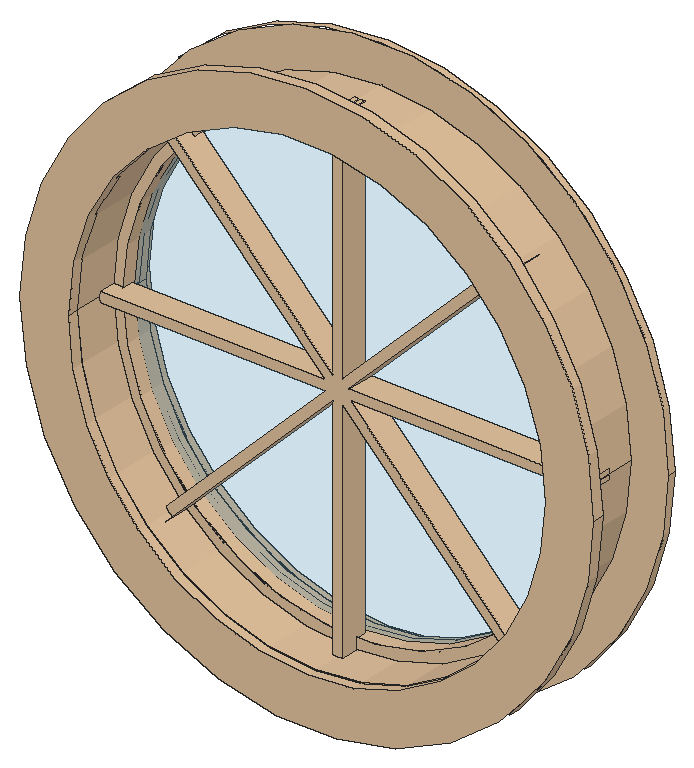
Revit family
Parameters (values of type "36" Diameter")
  Assembly Code = "B2020100"
  Glass Pane Material = Glass
  Sash Material = Sash
  Default Sill Height = 2' - 6"
  Trim Exterior Material = Trim
  Trim Interior Material = Trim
  Trim Projection - Ext. = 0' - 0 1/2"
  Trim Projection - Int. = 0' - 0 3/4"
  Trim Width - Exterior = 0' - 3 1/2"
  Trim Width - Interior = 0' - 3 1/2"
  Wall Closure = (empty or 0)
  Width = 3' - 0"
Types (4): name | Default Sill Height | Width
  48" Diameter | 2' - 0" | 4' - 0"
  36" Diameter | 2' - 6" | 3' - 0"
  24" Diameter | 3' - 0" | 2' - 0"
  60" Diameter | 1' - 6" | 5' - 0"
Reference planes (in)
  plane 1: y = 0
  plane 2 "Top": z = 66
  plane 3 "Sill": z = 30
  plane 4: z = 48
  plane 5: x = -18
  plane 6: x = 0
  plane 7: x = 18
  plane 8: x = 17.25
  plane 9: x = 20.75
  plane 10: x = -17.25
  plane 11: x = -20.75
  plane 12 "Closure": y = 1.25
Forms (in)
  Extrusion 1, solid, material "Sash" <- "Sash Material"
    sketch origin (0, 0, 0) x (1, 0, 0) y (0, 0, 1)
      loop
        circle (0, 48) r 18
      loop
        circle (0, 48) r 17.25
    from -3 to 3
  Extrusion 2, solid, material "Sash" <- "Sash Material"
    sketch origin (0, 0, 0) x (1, 0, 0) y (0, 0, 1)
      loop
        circle (0, 48) r 17.25
      loop
        circle (0, 48) r 16.5
    from -2.25 to -0.25
  Extrusion 3, solid, material "Glass" <- "Glass Pane Material"
    sketch origin (0, 0, 0) x (1, 0, 0) y (0, 0, 1)
      loop
        circle (0, 48) r 16.5
    from -1.75 to -1.25
  Extrusion 4, solid, material "Trim" <- "Trim Exterior Material"
    sketch origin (0, 0, 0) x (1, 0, 0) y (0, 0, 1)
      loop
        circle (0, 48) r 17.25
      loop
        circle (0, 48) r 20.75
    from -3.5 to -3
  Extrusion 5, solid, material "Trim" <- "Trim Interior Material"
    sketch origin (0, 0, 0) x (1, 0, 0) y (0, 0, 1)
      loop
        circle (0, 48) r 17.25
      loop
        circle (0, 48) r 20.75
    from 3 to 3.75
  Extrusion 6, solid, material "Trim" <- "Trim Exterior Material"
    sketch origin (0, 1.25, 0) x (1, 0, 0) y (0, 0, 1)
      loop
        line (0.35048, 66) -> (-0.35048, 66) -> (-0.35048, 48.86385) -> (-12.44738, 60.96076) -> (-12.94303, 60.46511) -> (-0.84257, 48.36464) -> (-17.99982, 48.37398) -> (-18.0002, 47.67303) -> (-0.856, 47.6637) -> (-12.92909, 35.60375) -> (-12.43371, 35.10783) -> (-0.35048, 47.17791) -> (-0.35048, 30) -> (0.35048, 30) -> (0.35048, 47.1716) -> (12.47434, 35.04774) -> (12.96999, 35.54339) -> (0.85061, 47.66277) -> (17.9998, 47.65343) -> (18.00018, 48.35439) -> (0.83663, 48.36373) -> (12.92547, 60.43942) -> (12.43009, 60.93534) -> (0.35048, 48.86887) -> (0.35048, 66)
    from 2.25 to 0.25
Lines and regions (in)
  Opening 1
    outline origin (-60, -3, 0) x (1, 0, 0) y (0, 0, 1)
      loop
        circle (60, 48) r 18
Text (in)
  text "Exterior" at (0, 40.15149, 123.01588), in view "Right"
  text "Exterior" at (-58.37056, 28.46503, 0), in view "Floor Line"
  text "Exterior" at (0, 47.49176, 116.85422), in view "Left"
Dimensions and locks (in)
  equal spacing: plane 2 "Top", plane 4, plane 3 "Sill"
  equal spacing: plane 5, plane 6, plane 7
  "Width": plane 5 to plane 7
  "Width": plane 2 "Top" to plane 3 "Sill"
  "Default Sill Height": plane 3 "Sill" to host wall
  locked: Extrusion 2 to Extrusion 2 at 2
  locked: Extrusion 1 to Extrusion 2 at 0.75
  locked: Extrusion 2 to Extrusion 3 at 0.5
  locked: Extrusion 3 to Extrusion 3 at 0.5
  "Trim Projection - Ext.": Extrusion 4 to Extrusion 4
  "Trim Projection - Int.": Extrusion 5 to Extrusion 5
  locked: plane 8 to plane 7 at 0.75
  "Trim Width - Exterior": plane 8 to plane 9
  locked: plane 5 to plane 10 at 0.75
  "Trim Width - Interior": plane 11 to plane 10
  locked: Extrusion 2 to plane 12 "Closure" at 1
  aligned and locked: host wall to Extrusion 1  (x2)
  aligned and locked: Extrusion 4 to host wall
  aligned and locked: Extrusion 5 to host wall
Automatic sketch dimensions
  Opening 1 sketch curve to plane 4 = 0' - 0"
  Opening 1 sketch curve to plane 5 = 0' - 0"
  Opening 1 sketch curve to plane 6 = 0' - 0"
  Extrusion 1 sketch curve to plane 4 = 0' - 0"  (x2)
  Extrusion 1 sketch curve to plane 5 = 0' - 0"
  Extrusion 1 sketch curve to plane 6 = 0' - 0"  (x2)
  Extrusion 1 sketch curve to Extrusion 1 sketch curve = 0' - 0 3/4"
  Extrusion 2 sketch curve to plane 4 = 0' - 0"  (x2)
  Extrusion 2 sketch curve to plane 6 = 0' - 0"  (x2)
  Extrusion 2 sketch curve to plane 5 = 0' - 1 1/2"
  Extrusion 2 sketch curve to plane 5 = 0' - 0 3/4"
  Extrusion 3 sketch curve to plane 4 = 0' - 0"
  Extrusion 3 sketch curve to plane 6 = 0' - 0"
  Extrusion 3 sketch curve to plane 5 = 0' - 1 1/2"
  Extrusion 4 sketch curve to plane 4 = 0' - 0"  (x2)
  Extrusion 4 sketch curve to plane 6 = 0' - 0"  (x3)
  Extrusion 4 sketch curve to plane 8 = 0' - 0"
  Extrusion 4 sketch curve to plane 9 = 0' - 0"
  Extrusion 5 sketch curve to plane 4 = 0' - 0"  (x2)
  Extrusion 5 sketch curve to plane 11 = 0' - 0"  (x2)
  Extrusion 5 sketch curve to plane 10 = 0' - 0"
  Extrusion 5 sketch curve to plane 6 = 0' - 0"  (x2)
  Extrusion 6 sketch curve to plane 3 "Sill" = 0' - 0"
  Extrusion 6 sketch curve to plane 2 "Top" = 0' - 0"
  plane 5 to Extrusion 6 sketch curve = 0' - 0.0002"
  Extrusion 6 sketch curve to plane 5 = 0' - 0.00018"
  Extrusion 6 sketch curve to plane 10 = 0' - 4.30697"
  Extrusion 6 sketch curve to plane 10 = 0' - 4.32091"
  Extrusion 6 sketch curve to Extrusion 6 sketch curve = 0' - 0.49565"  (x2)
  Extrusion 6 sketch curve to Extrusion 6 sketch curve = 0' - 0.49538"  (x2)
  plane 4 to Extrusion 6 sketch curve = 0' - 0.3363"
  plane 6 to Extrusion 6 sketch curve = 0' - 0.856"
  Extrusion 6 sketch curve to plane 4 = 0' - 0.36464"
  Extrusion 6 sketch curve to Extrusion 6 sketch curve = 0' - 0.01344"
  plane 6 to Extrusion 6 sketch curve = 0' - 0.35048"  (x2)
  Extrusion 6 sketch curve to plane 6 = 0' - 0.35048"  (x2)
  Extrusion 6 sketch curve to plane 4 = 0' - 0.36373"
  Extrusion 6 sketch curve to Extrusion 6 sketch curve = 0' - 0.48615"
  plane 4 to Extrusion 6 sketch curve = 0' - 0.33723"
  Extrusion 6 sketch curve to Extrusion 6 sketch curve = 0' - 0.50013"
  plane 8 to Extrusion 6 sketch curve = 0' - 4.81991"
  plane 8 to Extrusion 6 sketch curve = 0' - 4.77566"
  plane 7 to Extrusion 6 sketch curve = 0' - 0.0002"
  Extrusion 6 sketch curve to plane 7 = 0' - 0.00018"
  Extrusion 6 sketch curve to plane 3 "Sill" = 0' - 5.04774"
  Extrusion 6 sketch curve to plane 3 "Sill" = 0' - 5.10783"
  Extrusion 6 sketch curve to Extrusion 6 sketch curve = 0' - 0.49921"
  Extrusion 6 sketch curve to Extrusion 6 sketch curve = 0' - 0.00501"
